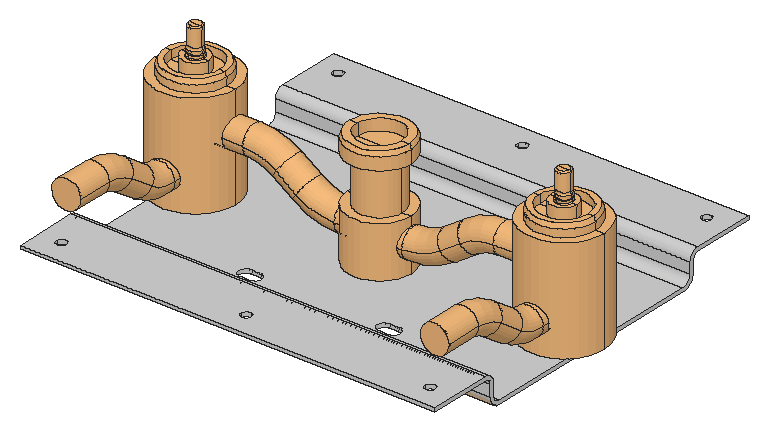
Revit family "Faucet-Valves_and_Controls-KOHLER-Falling_Water-K-410", category Plumbing Fixtures, host Face, Revit 2015
Parameters (values of type "Wall mount Valve")
  Width = 9"  # constant formula
  Waste Water Outlet = "Waste Water Outlet"  # constant formula
  Waste Connection = 1 = 0  # no
  Vent Connection = 1 = 0  # no
  URL = "https://www.us.kohler.com/us/"
  Product Page URL = "http://www.us.kohler.com/us/catalog/productDetails.jsp?productNumber=410-K"
  Product Name = "Falling Water"  # constant formula
  Product Documentation Link = "https://www.us.kohler.com/webassets/kpna/catalog/pdf/en/K-410-K_spec.pdf"
  Pressure = 0.00 psi
  Model = "K-410-K-NA"  # constant formula
  Material = "Brass construction"  # constant formula
  MasterFormat 2004 = "22.11.00"  # constant formula
  MasterFormat 1995 = "154300"  # constant formula
  Manufacturer Address = "444 Highland Dr, Kohler, WI 53044"  # constant formula
  Manufacturer = "KOHLER Co."  # constant formula
  Length = 2 1/4"  # constant formula
  Hot Water Inlet = "Hot Water Inlet"  # constant formula
  Height = 8 1/2"  # constant formula
  HW Connection = 1 = 1  # yes
  Flow Rate = 2.2 GPM  # constant formula
  Finish = Kohler-Metal-Brass
  Environmental Product Declaration = ""
  Description = "5/8 inch two-handle ceramic valve"  # constant formula
  Default Elevation = 36"
  Declare Label = ""
  Date Modified = "01/21/2019"  # constant formula
  Date Created = "01/21/2019"  # constant formula
  Copyright = "Copyright KOHLER Co."  # constant formula
  Contact Us = "https://www.us.kohler.com/us/static/contact.jsp"
  Cold Water Inlet = "Cold Water Inlet"  # constant formula
  CW Connection = 1 = 1  # yes
  Assembly Code = "D2020"
  ADA Compliant = 1 = 0  # no
Reference planes (in)
  plane 1 "Center (Front/Back)": y = 0
  plane 2: z = 0
  plane 3 "Center (Left/Right)": x = 0
  plane 4: x = 4.6
  plane 5: x = -4.4
  plane 6: y = 4.25
  plane 7: y = -4.25
  plane 8: z = -2.25
  plane 9: z = -1.375
  plane 10: z = 0.87331
  plane 11: z = -3.1875
  plane 12: y = -3.5
Forms (in)
  Extrusion 1, void
    sketch origin (0, 0, 0) x (1, 0, 0) y (0, 1, 0)
      loop
        arc (3.16067, -0.33362) -> (3.35655, -0.63384) -> (3.6538, -0.83422) r 0.90321
        line (3.6538, -0.83422) -> (3.6538, -3.52996) -> (4.3462, -3.52996) -> (4.3462, -0.90945)
        arc (4.3462, -0.90945) -> (4.69944, 0.69234) -> (3.09765, 0.3391) r 0.97312
        line (3.09765, 0.3391) -> (0.73758, 0.3391)
        arc (0.73758, 0.3391) -> (0, 0.8118) -> (-0.73758, 0.3391) r 0.8118
        line (-0.73758, 0.3391) -> (-3.07701, 0.3391)
        arc (-3.07701, 0.3391) -> (-4.69245, 0.68988) -> (-4.34167, -0.92556) r 0.98275
        line (-4.34167, -0.92556) -> (-4.34167, -3.52996) -> (-3.64927, -3.52996) -> (-3.64927, -0.83233)
        arc (-3.64927, -0.83233) -> (-3.35483, -0.63209) -> (-3.16067, -0.33362) r 0.90321
        line (-3.16067, -0.33362) -> (-0.74008, -0.33362)
        arc (-0.74008, -0.33362) -> (0, -0.8118) -> (0.74008, -0.33362) r 0.8118
        line (0.74008, -0.33362) -> (3.16067, -0.33362)
    from -2.875 to -0.20249
  Extrusion 2, void
    sketch origin (0, 0, 0) x (1, 0, 0) y (0, 1, 0)
      loop
        circle (4, 0) r 0.16797
      loop
        circle (-4, 0) r 0.16981
      loop
        circle (0, 0) r 0.485
    from -0.24597 to 0.8759
  Extrusion 3, void
    sketch origin (0, 0, 0) x (0, 1, 0) y (0, 0, 1)
      loop
        line (4.28125, -2.175) -> (-4.28125, -2.175) -> (-4.28125, -2.875) -> (-0.77249, -2.875) -> (-0.77249, -3.12031) -> (0.8222, -3.12031) -> (0.8222, -2.875) -> (4.28125, -2.875) -> (4.28125, -2.175)
    from -4.41394 to 4.61228
Dimensions and locks (in)
  plane 2 to plane 9 = 1 3/8"
  "Width": plane 4 to plane 5
  equal spacing: plane 6, plane 1 "Center (Front/Back)", plane 7
  "Height": plane 6 to plane 7
  "Length": plane 2 to plane 8
  plane 8 to plane 11 = 15/16"
  aligned and locked: plane 2 to host face
  aligned and locked: level to host face
Automatic sketch dimensions
  host sketch curve to host sketch curve = 96"  (x2)
  plane 7 to Extrusion 3 sketch curve = 1/32"
  plane 6 to Extrusion 3 sketch curve = 1/32"
  Extrusion 3 sketch curve to plane 8 = 5/8"
  plane 8 to Extrusion 3 sketch curve = 0.075"
  Extrusion 3 sketch curve to plane 1 "Center (Front/Back)" = 0.8222"
  Extrusion 3 sketch curve to Extrusion 3 sketch curve = 0.24531"  (x2)
  plane 1 "Center (Front/Back)" to Extrusion 3 sketch curve = 0.77249"
  plane 1 "Center (Front/Back)" to Extrusion 1 sketch curve = 0"  (x3)
  Extrusion 1 sketch curve to plane 3 "Center (Left/Right)" = 0"
  Extrusion 1 sketch curve to plane 1 "Center (Front/Back)" = 0.3391"  (x2)
  Extrusion 1 sketch curve to Extrusion 1 sketch curve = 0.08365"
  plane 5 to Extrusion 1 sketch curve = 0.75073"
  plane 1 "Center (Front/Back)" to Extrusion 1 sketch curve = 0.00503"
  plane 5 to Extrusion 1 sketch curve = 0.40246"
  Extrusion 1 sketch curve to Extrusion 1 sketch curve = 0.00246"
  plane 5 to Extrusion 1 sketch curve = 0.05833"
  Extrusion 1 sketch curve to Extrusion 1 sketch curve = 0.06302"
  plane 4 to Extrusion 1 sketch curve = 0.9462"
  plane 4 to Extrusion 1 sketch curve = 0.6"
  Extrusion 1 sketch curve to plane 1 "Center (Front/Back)" = 0.00424"
  Extrusion 1 sketch curve to Extrusion 1 sketch curve = 0.01134"
  plane 4 to Extrusion 1 sketch curve = 0.2538"
  Extrusion 1 sketch curve to plane 7 = 0.72004"  (x2)
  Extrusion 1 sketch curve to Extrusion 1 sketch curve = 0.07523"
  Extrusion 1 sketch curve to Extrusion 1 sketch curve = 0.09323"
  plane 3 "Center (Left/Right)" to Extrusion 1 sketch curve = 0.73758"
  Extrusion 1 sketch curve to Extrusion 1 sketch curve = 0"  (x2)
  plane 1 "Center (Front/Back)" to Extrusion 1 sketch curve = 0.33362"  (x2)
  Extrusion 1 sketch curve to Extrusion 1 sketch curve = 0.0025"
  plane 1 "Center (Front/Back)" to Extrusion 2 sketch curve = 0"  (x3)
  Extrusion 2 sketch curve to plane 3 "Center (Left/Right)" = 0"
  plane 5 to Extrusion 2 sketch curve = 0.4"
  plane 4 to Extrusion 2 sketch curve = 0.6"
  radius of Extrusion 2 sketch curve = 43/256"
  radius of Extrusion 2 sketch curve = 0.16981"
  radius of Extrusion 2 sketch curve = 0.485"
Nested families (in)
  nested 1: "K-410" at (0, 0, -2.875), type "K-410"
Connectors (in)
  piping at (-4, -3.5, -1.375), diameter 0.625, driven by "Flow Rate", driven by "HW Connection", driven by "Hot Water Inlet"
    settings: on nested 1, index 1, connector inside diameter 24", connector length 0", flow factor 0, pipe flow 2.2 GPM, pressure drop 0.00 psi, fitting loss kfactor 0, connector angle 0.00°, fixture units 0, engagement length 0", angle of deflection 0.00°, flow configuration 1, flow direction 1, fitting loss method 0, system type 19, joint type 0, gender type 0, connector reference index -1, connector utility 1, adjustable connector no, is connector primary yes, connector description "Hot Water Inlet"
  piping at (4, -3.5, -1.375), diameter 0.625, driven by "Flow Rate", driven by "CW Connection", driven by "Cold Water Inlet"
    settings: on nested 1, index 2, connector inside diameter 24", connector length 0", flow factor 0, pipe flow 2.2 GPM, pressure drop 0.00 psi, fitting loss kfactor 0, connector angle 0.00°, fixture units 0, engagement length 0", angle of deflection 0.00°, flow configuration 1, flow direction 1, fitting loss method 0, system type 20, joint type 0, gender type 0, connector reference index -1, connector utility 1, adjustable connector no, is connector primary no, connector description "Cold Water Inlet"
Definition of nested family "K-410"
  Parameters (values of type "K-410")
    Valve Material = none
  Reference planes (in)
    plane 1 "Center (Front/Back)": y = 0
    plane 2: z = 0
    plane 3 "Center (Left/Right)": x = 0
    plane 4: y = 4.25
    plane 5: x = 4.6
    plane 6: y = -4.25
    plane 7: x = -4.4
    plane 8 "A": x = -4
    plane 9 "B": x = 4
    plane 10: z = -0.3125
    plane 11: z = 0.625
    plane 12: z = 3.29051
    plane 13: z = 1.5
  Forms (in)
    Extrusion 1, solid, detail levels medium+fine
      sketch origin (0, 0, 0) x (0, 1, 0) y (0, 0, 1)
        loop
          line (4.25, 0.625) -> (4.25, 0.7) -> (2.87, 0.7)
          arc (2.87, 0.7) -> (2.73211, 0.64289) -> (2.675, 0.505) r 0.195
          line (2.675, 0.505) -> (2.675, 0.265)
          arc (2.675, 0.265) -> (2.61935, 0.13065) -> (2.485, 0.075) r 0.19
          line (2.485, 0.075) -> (-2.485, 0.075)
          arc (-2.485, 0.075) -> (-2.61935, 0.13065) -> (-2.675, 0.265) r 0.19
          line (-2.675, 0.265) -> (-2.675, 0.505)
          arc (-2.675, 0.505) -> (-2.73211, 0.64289) -> (-2.87, 0.7) r 0.195
          line (-2.87, 0.7) -> (-4.25, 0.7) -> (-4.25, 0.625) -> (-2.87, 0.625)
          arc (-2.87, 0.625) -> (-2.78515, 0.58985) -> (-2.75, 0.505) r 0.12
          line (-2.75, 0.505) -> (-2.75, 0.265)
          arc (-2.75, 0.265) -> (-2.67238, 0.07762) -> (-2.485, 0) r 0.265
          line (-2.485, 0) -> (2.485, 0)
          arc (2.485, 0) -> (2.67238, 0.07762) -> (2.75, 0.265) r 0.265
          line (2.75, 0.265) -> (2.75, 0.505)
          arc (2.75, 0.505) -> (2.78515, 0.58985) -> (2.87, 0.625) r 0.12
          line (2.87, 0.625) -> (4.25, 0.625)
      from -4.4 to 4.6
    Extrusion 2, solid, detail levels coarse
      sketch origin (0, 0, 0) x (0, 1, 0) y (0, 0, 1)
        loop
          line (4.25, 0.625) -> (4.25, 0.7) -> (2.87, 0.7)
          arc (2.87, 0.7) -> (2.73211, 0.64289) -> (2.675, 0.505) r 0.195
          line (2.675, 0.505) -> (2.675, 0.265)
          arc (2.675, 0.265) -> (2.61935, 0.13065) -> (2.485, 0.075) r 0.19
          line (2.485, 0.075) -> (-2.485, 0.075)
          arc (-2.485, 0.075) -> (-2.61935, 0.13065) -> (-2.675, 0.265) r 0.19
          line (-2.675, 0.265) -> (-2.675, 0.505)
          arc (-2.675, 0.505) -> (-2.73211, 0.64289) -> (-2.87, 0.7) r 0.195
          line (-2.87, 0.7) -> (-4.25, 0.7) -> (-4.25, 0.625) -> (-2.87, 0.625)
          arc (-2.87, 0.625) -> (-2.78515, 0.58985) -> (-2.75, 0.505) r 0.12
          line (-2.75, 0.505) -> (-2.75, 0.265)
          arc (-2.75, 0.265) -> (-2.67238, 0.07762) -> (-2.485, 0) r 0.265
          line (-2.485, 0) -> (2.485, 0)
          arc (2.485, 0) -> (2.67238, 0.07762) -> (2.75, 0.265) r 0.265
          line (2.75, 0.265) -> (2.75, 0.505)
          arc (2.75, 0.505) -> (2.78515, 0.58985) -> (2.87, 0.625) r 0.12
          line (2.87, 0.625) -> (4.25, 0.625)
      from -4.4 to 4.6
    Revolve 3, solid, material <- "Valve Material", detail levels medium+fine
      sketch origin (0, 0, 0.075) x (1, 0, 0) y (0, 0, 1)
        loop
          line (0.49, 2.135) -> (0.6875, 2.135) -> (0.6875, 2.40999) -> (0.64709, 2.51) -> (0.485, 2.51) -> (0.485, 2.266) -> (0, 2.266) -> (0, 0) -> (0.6875, 0) -> (0.6875, 1.115) -> (0.49, 1.115) -> (0.49, 2.135)
        axis (0, 2.51) -> (0, 0)
      angle from 0 to 360
    Revolve 4, solid, material <- "Valve Material", detail levels medium+fine
      sketch origin (0, 0, 0.07495) x (1, 0, 0) y (0, 0, 1)
        loop
          line (4, 3.2155) -> (3.87762, 3.2155) -> (3.85053, 3.18841) -> (3.85053, 2.81647)
          arc (3.85053, 2.81647) -> (3.86216, 2.78015) -> (3.84125, 2.74827) r 0.04426
          line (3.84125, 2.74827) -> (3.84125, 2.68366)
          arc (3.84125, 2.68366) -> (3.84646, 2.66842) -> (3.85991, 2.65956) r 0.0249
          arc (3.85991, 2.65956) -> (3.83401, 2.64845) -> (3.83545, 2.6203) r 0.02465
          arc (3.83545, 2.6203) -> (3.83697, 2.60542) -> (3.82428, 2.5975) r 0.01414
          line (3.82428, 2.5975) -> (3.71127, 2.5975) -> (3.71127, 2.33502) -> (3.46863, 2.33502) -> (3.46863, 2.51) -> (3.3525, 2.51) -> (3.3125, 2.411) -> (3.3125, 2.25) -> (3.125, 2.25) -> (3.125, 0) -> (4, 0) -> (4, 3.2155)
        axis (4, 3.2155) -> (4, 0)
      angle from 0 to 360
    Revolve 5, solid, material <- "Valve Material", detail levels medium+fine
      sketch origin (0, 0, 0.07501) x (-1, 0, 0) y (0, 0, 1)
        loop
          line (4, 3.2155) -> (3.87762, 3.2155) -> (3.85053, 3.18841) -> (3.85053, 2.81647)
          arc (3.85053, 2.81647) -> (3.86216, 2.78015) -> (3.84125, 2.74827) r 0.04426
          line (3.84125, 2.74827) -> (3.84125, 2.68366)
          arc (3.84125, 2.68366) -> (3.84646, 2.66842) -> (3.85991, 2.65956) r 0.0249
          arc (3.85991, 2.65956) -> (3.83401, 2.64845) -> (3.83545, 2.6203) r 0.02465
          arc (3.83545, 2.6203) -> (3.83697, 2.60542) -> (3.82428, 2.5975) r 0.01414
          line (3.82428, 2.5975) -> (3.71127, 2.5975) -> (3.71127, 2.33539) -> (3.4689, 2.33539) -> (3.4689, 2.51) -> (3.3525, 2.51) -> (3.3125, 2.411) -> (3.3125, 2.25) -> (3.125, 2.25) -> (3.125, 0) -> (4, 0) -> (4, 3.2155)
        axis (4, 3.2155) -> (4, 0)
      angle from 0 to 360
    Sweep 6, solid, material <- "Valve Material"
      path origin (0, 0, 0.07031) x (1, 0, 0) y (0, 0, 1)
        loop
          line (-3.4, 1.415) -> (-2.71606, 1.415)
          arc (-2.71606, 1.415) -> (-2.34018, 1.35715) -> (-1.99909, 1.18894) r 1.25
          line (-1.99909, 1.18894) -> (-1.568, 0.88709)
          arc (-1.568, 0.88709) -> (-1.17255, 0.69207) -> (-0.73677, 0.625) r 1.44922
          line (-0.73677, 0.625) -> (0.73645, 0.625)
          arc (0.73645, 0.625) -> (1.17254, 0.69212) -> (1.56826, 0.88727) r 1.4502
          line (1.56826, 0.88727) -> (1.99909, 1.18894)
          arc (1.99909, 1.18894) -> (2.34018, 1.35715) -> (2.71606, 1.415) r 1.25
          line (2.71606, 1.415) -> (3.40081, 1.415)
      profile origin (-3.05803, 0, 1.48531) x (0, 0, 1) y (0, -1, 0)
        loop
          circle (0, 0) r 0.316
    Sweep 7, solid, material <- "Valve Material"
      path origin (0, 0, 0.07813) x (0, 1, 0) y (0, 0, 1)
        loop
          line (-0.25, 0.6525) -> (-0.95854, 0.6525)
          arc (-0.95854, 0.6525) -> (-1.27777, 0.70163) -> (-1.56744, 0.84449) r 1.06158
          line (-1.56744, 0.84449) -> (-2.11762, 1.22972)
          arc (-2.11762, 1.22972) -> (-2.40755, 1.3727) -> (-2.72704, 1.42187) r 1.0625
          line (-2.72704, 1.42187) -> (-3.5, 1.42187)
      profile origin (0, -3.11352, 1.5) x (0, 0, 1) y (1, 0, 0)
        loop
          circle (0, 4) r 0.31178
    Sweep 8, solid, material <- "Valve Material"
      path origin (0, 0, 0.07812) x (0, 1, 0) y (0, 0, -1)
        loop
          line (-0.25, -0.6525) -> (-0.95854, -0.6525)
          arc (-0.95854, -0.6525) -> (-1.27777, -0.70163) -> (-1.56744, -0.84449) r 1.06158
          line (-1.56744, -0.84449) -> (-2.11762, -1.22972)
          arc (-2.11762, -1.22972) -> (-2.40755, -1.3727) -> (-2.72704, -1.42187) r 1.0625
          line (-2.72704, -1.42187) -> (-3.5, -1.42187)
      profile origin (0, -3.11352, 1.5) x (0, 0, -1) y (-1, 0, 0)
        loop
          circle (0, 4) r 0.31178
    Extrusion 9, void
      sketch origin (0, 0, 0) x (1, 0, 0) y (0, 1, 0)
        loop
          circle (-3.90055, 3.74994) r 0.10971
        loop
          circle (0.09945, 3.74994) r 0.10971
        loop
          circle (4.09945, 3.74994) r 0.10971
        loop
          circle (-3.90055, -3.74994) r 0.10971
        loop
          circle (0.09945, -3.74994) r 0.10971
        loop
          circle (4.09945, -3.74994) r 0.10971
        loop
          line (-3.05645, 1.505) -> (-3.24799, 1.505)
          arc (-3.24799, 1.505) -> (-3.40299, 1.35) -> (-3.24799, 1.195) r 0.155
          line (-3.24799, 1.195) -> (-3.05645, 1.195)
          arc (-3.05645, 1.195) -> (-2.90145, 1.35) -> (-3.05645, 1.505) r 0.155
        loop
          line (0.94493, 1.505) -> (0.75339, 1.505)
          arc (0.75339, 1.505) -> (0.59839, 1.35) -> (0.75339, 1.195) r 0.155
          line (0.75339, 1.195) -> (0.94493, 1.195)
          arc (0.94493, 1.195) -> (1.09993, 1.35) -> (0.94493, 1.505) r 0.155
        loop
          arc (-1.30433, -1.905) -> (-1.14933, -1.75) -> (-1.30433, -1.595) r 0.155
          line (-1.30433, -1.595) -> (-1.49587, -1.595)
          arc (-1.49587, -1.595) -> (-1.65087, -1.75) -> (-1.49587, -1.905) r 0.155
          line (-1.49587, -1.905) -> (-1.30433, -1.905)
        loop
          arc (1.69705, -1.905) -> (1.85205, -1.75) -> (1.69705, -1.595) r 0.155
          line (1.69705, -1.595) -> (1.50551, -1.595)
          arc (1.50551, -1.595) -> (1.35051, -1.75) -> (1.50551, -1.905) r 0.155
          line (1.50551, -1.905) -> (1.69705, -1.905)
      from -0.37666 to 0.78589
    Extrusion 10, solid, detail levels medium+fine
      sketch origin (0, 0, 0) x (1, 0, 0) y (0, 1, 0)
        loop
          line (-4.1071, 0.6855) -> (-4.2142, 0.5) -> (-4.1071, 0.3145) -> (-3.8929, 0.3145) -> (-3.7858, 0.5) -> (-3.8929, 0.6855) -> (-4.1071, 0.6855)
        loop
          line (-3.6071, 0.1855) -> (-3.7142, 0) -> (-3.6071, -0.1855) -> (-3.3929, -0.1855) -> (-3.2858, 0) -> (-3.3929, 0.1855) -> (-3.6071, 0.1855)
        loop
          line (-0.1071, 0.6355) -> (-0.2142, 0.45) -> (-0.1071, 0.2645) -> (0.1071, 0.2645) -> (0.2142, 0.45) -> (0.1071, 0.6355) -> (-0.1071, 0.6355)
        loop
          line (-0.1071, -0.2645) -> (-0.2142, -0.45) -> (-0.1071, -0.6355) -> (0.1071, -0.6355) -> (0.2142, -0.45) -> (0.1071, -0.2645) -> (-0.1071, -0.2645)
        loop
          line (3.3929, 0.1855) -> (3.2858, 0) -> (3.3929, -0.1855) -> (3.6071, -0.1855) -> (3.7142, 0) -> (3.6071, 0.1855) -> (3.3929, 0.1855)
        loop
          line (3.8929, 0.6855) -> (3.7858, 0.5) -> (3.8929, 0.3145) -> (4.1071, 0.3145) -> (4.2142, 0.5) -> (4.1071, 0.6855) -> (3.8929, 0.6855)
      from -0.3125 to 0
    Extrusion 11, solid, detail levels medium+fine
      sketch origin (0, 0, 0) x (1, 0, 0) y (0, 1, 0)
        loop
          circle (-3.49774, -0.00107) r 0.31361
        loop
          circle (0.00226, 0.44893) r 0.31361
        loop
          circle (0.00226, -0.45107) r 0.31361
        loop
          circle (4.00226, 0.49893) r 0.31361
        loop
          circle (3.50226, -0.00107) r 0.31361
        loop
          circle (-3.99959, 0.50078) r 0.31361
      from -0.065 to 0
    Extrusion 12, solid, material <- "Valve Material", detail levels coarse
      sketch origin (0, 0, 0) x (1, 0, 0) y (0, 1, 0)
        loop
          circle (-4, 0) r 0.875
        loop
          circle (4, 0) r 0.875
        loop
          circle (0, 0) r 0.6875
      from 0.04111 to 2.58501
    Extrusion 13, solid, material <- "Valve Material", detail levels coarse
      sketch origin (0, 0, 0) x (1, 0, 0) y (0, 1, 0)
        loop
          circle (-4, 0) r 0.17096
        loop
          circle (4, 0) r 0.17096
      from 2.41041 to 3.29051
  Cuts and joins
    joined: Sweep 6, Sweep 7, Sweep 8
    joined: Revolve 3, Revolve 4, Revolve 5
    Extrusion 9 cuts Extrusion 1
    joined: Extrusion 1, Extrusion 10, Extrusion 11
    joined: Extrusion 12, Extrusion 13
  Lines and regions (in)
    Masking region 1
      outline origin (0, 0, 0) x (1, 0, 0) y (0, 1, 0)
        loop
          circle (-4, 0) r 0.16931
        loop
          circle (4, 0) r 0.16797
        loop
          circle (0, 0) r 0.48748
    Masking region 2, detail levels medium+fine
      outline origin (0, 0, 0) x (1, 0, 0) y (0, 0, 1)
        loop
          line (-4.875, 0.075) -> (-4.4, 0.075) -> (-4.4, 0) -> (-4.3132, 0) -> (-4.3132, -0.065) -> (-4.2142, -0.065) -> (-4.2142, -0.2375) -> (-3.7858, -0.2375) -> (-3.7858, -0.065) -> (-3.7142, -0.065) -> (-3.7142, -0.2375) -> (-3.2858, -0.2375) -> (-3.2858, -0.065) -> (-3.18413, -0.065) -> (-3.18413, 0) -> (-0.31134, 0) -> (-0.31134, -0.065) -> (-0.2142, -0.065) -> (-0.2142, -0.2375) -> (0.2142, -0.2375) -> (0.2142, -0.065) -> (0.31587, -0.065) -> (0.31587, 0) -> (3.18866, 0) -> (3.18866, -0.065) -> (3.2858, -0.065) -> (3.2858, -0.2375) -> (3.7142, -0.2375) -> (3.7142, -0.065) -> (3.7858, -0.065) -> (3.7858, -0.2375) -> (4.2142, -0.2375) -> (4.2142, -0.065) -> (4.31587, -0.065) -> (4.31587, 0) -> (4.6, 0) -> (4.6, 0.075) -> (4.875, 0.075) -> (4.875, 2.325) -> (4.6875, 2.325) -> (4.6875, 2.486) -> (4.6475, 2.585) -> (4.28873, 2.585) -> (4.28873, 2.6725) -> (4.17632, 2.6725)
          arc (4.17632, 2.6725) -> (4.16276, 2.68096) -> (4.16441, 2.69685) r 0.01509
          arc (4.16441, 2.69685) -> (4.16585, 2.72401) -> (4.14088, 2.73479) r 0.02381
          arc (4.14088, 2.73479) -> (4.15375, 2.74303) -> (4.15875, 2.75747) r 0.02332
          line (4.15875, 2.75747) -> (4.15875, 2.82327)
          arc (4.15875, 2.82327) -> (4.13784, 2.85503) -> (4.14947, 2.89124) r 0.04403
          line (4.14947, 2.89124) -> (4.14947, 3.26341) -> (4.12238, 3.2905) -> (3.87762, 3.2905) -> (3.85053, 3.26341) -> (3.85053, 2.89124)
          arc (3.85053, 2.89124) -> (3.86216, 2.85503) -> (3.84125, 2.82327) r 0.04403
          line (3.84125, 2.82327) -> (3.84125, 2.75747)
          arc (3.84125, 2.75747) -> (3.84625, 2.74303) -> (3.85912, 2.73479) r 0.02332
          arc (3.85912, 2.73479) -> (3.83415, 2.72401) -> (3.83559, 2.69685) r 0.02381
          arc (3.83559, 2.69685) -> (3.83724, 2.68096) -> (3.82368, 2.6725) r 0.01509
          line (3.82368, 2.6725) -> (3.71127, 2.6725) -> (3.71127, 2.585) -> (3.3525, 2.585) -> (3.3125, 2.486) -> (3.3125, 2.325) -> (3.125, 2.325) -> (3.125, 1.806) -> (2.70536, 1.806)
          arc (2.70536, 1.806) -> (2.24442, 1.73505) -> (1.82616, 1.52879) r 1.53283
          line (1.82616, 1.52879) -> (1.37694, 1.21424)
          arc (1.37694, 1.21424) -> (1.04874, 1.05803) -> (0.6875, 1.01779) r 1.09568
          line (0.6875, 1.01779) -> (0.6875, 1.19) -> (0.49, 1.19) -> (0.49, 2.21) -> (0.6875, 2.21) -> (0.6875, 2.48499) -> (0.64709, 2.585) -> (-0.64709, 2.585) -> (-0.6875, 2.48499) -> (-0.6875, 2.21) -> (-0.49, 2.21) -> (-0.49, 1.19) -> (-0.6875, 1.19) -> (-0.6875, 1.01866)
          arc (-0.6875, 1.01866) -> (-1.04348, 1.05452) -> (-1.36707, 1.20714) r 1.05644
          line (-1.36707, 1.20714) -> (-1.8162, 1.52163)
          arc (-1.8162, 1.52163) -> (-2.24527, 1.73322) -> (-2.71811, 1.806) r 1.57244
          line (-2.71811, 1.806) -> (-3.125, 1.806) -> (-3.125, 2.325) -> (-3.3125, 2.325) -> (-3.3125, 2.486) -> (-3.3525, 2.585) -> (-3.71127, 2.585) -> (-3.71127, 2.6725) -> (-3.82368, 2.6725)
          arc (-3.82368, 2.6725) -> (-3.83724, 2.68096) -> (-3.83559, 2.69685) r 0.01509
          arc (-3.83559, 2.69685) -> (-3.83415, 2.72401) -> (-3.85912, 2.73479) r 0.02381
          arc (-3.85912, 2.73479) -> (-3.84625, 2.74303) -> (-3.84125, 2.75747) r 0.02332
          line (-3.84125, 2.75747) -> (-3.84125, 2.82327)
          arc (-3.84125, 2.82327) -> (-3.86216, 2.85503) -> (-3.85053, 2.89124) r 0.04403
          line (-3.85053, 2.89124) -> (-3.85053, 3.26341) -> (-3.87762, 3.2905) -> (-4.12238, 3.2905) -> (-4.14947, 3.26341) -> (-4.14947, 2.89124)
          arc (-4.14947, 2.89124) -> (-4.13784, 2.85503) -> (-4.15875, 2.82327) r 0.04403
          line (-4.15875, 2.82327) -> (-4.15875, 2.75747)
          arc (-4.15875, 2.75747) -> (-4.15375, 2.74303) -> (-4.14088, 2.73479) r 0.02332
          arc (-4.14088, 2.73479) -> (-4.16585, 2.72401) -> (-4.16441, 2.69685) r 0.02381
          arc (-4.16441, 2.69685) -> (-4.16276, 2.68096) -> (-4.17632, 2.6725) r 0.01509
          line (-4.17632, 2.6725) -> (-4.28873, 2.6725) -> (-4.28873, 2.585) -> (-4.6475, 2.585) -> (-4.6875, 2.486) -> (-4.6875, 2.325) -> (-4.875, 2.325) -> (-4.875, 0.075)
        loop
          line (-3.125, 1.174) -> (-3.125, 0.7) -> (-1.74523, 0.7) -> (-2.18232, 1.00606)
          arc (-2.18232, 1.00606) -> (-2.43573, 1.13102) -> (-2.71498, 1.174) r 0.92866
          line (-2.71498, 1.174) -> (-3.125, 1.174)
        loop
          line (3.125, 1.174) -> (2.69601, 1.174)
          arc (2.69601, 1.174) -> (2.43321, 1.13355) -> (2.19474, 1.01595) r 0.87394
          line (2.19474, 1.01595) -> (1.74351, 0.7) -> (3.125, 0.7) -> (3.125, 1.174)
    Masking region 3
      outline origin (0, 0, 0) x (0, 1, 0) y (0, 0, 1)
        loop
          line (4.25, 0.625) -> (4.25, 0.7) -> (2.87, 0.7)
          arc (2.87, 0.7) -> (2.73211, 0.64289) -> (2.675, 0.505) r 0.195
          line (2.675, 0.505) -> (2.675, 0.265)
          arc (2.675, 0.265) -> (2.61935, 0.13065) -> (2.485, 0.075) r 0.19
          line (2.485, 0.075) -> (0.875, 0.075) -> (0.875, 2.32501) -> (0.6875, 2.32501) -> (0.6875, 2.48601) -> (0.6475, 2.58501) -> (0.28873, 2.58501) -> (0.28873, 2.67251) -> (0.17592, 2.67251)
          arc (0.17592, 2.67251) -> (0.16275, 2.68073) -> (0.16435, 2.69617) r 0.01466
          arc (0.16435, 2.69617) -> (0.16569, 2.72388) -> (0.14009, 2.73457) r 0.02415
          arc (0.14009, 2.73457) -> (0.15348, 2.74252) -> (0.15875, 2.75718) r 0.02302
          line (0.15875, 2.75718) -> (0.15875, 2.82328)
          arc (0.15875, 2.82328) -> (0.13818, 2.85518) -> (0.14947, 2.89142) r 0.0448
          line (0.14947, 2.89142) -> (0.14947, 3.26336) -> (0.12232, 3.29051) -> (-0.12232, 3.29051) -> (-0.14947, 3.26336) -> (-0.14947, 2.89142)
          arc (-0.14947, 2.89142) -> (-0.13818, 2.85518) -> (-0.15875, 2.82328) r 0.0448
          line (-0.15875, 2.82328) -> (-0.15875, 2.75718)
          arc (-0.15875, 2.75718) -> (-0.15348, 2.74252) -> (-0.14009, 2.73457) r 0.02302
          arc (-0.14009, 2.73457) -> (-0.16569, 2.72388) -> (-0.16435, 2.69617) r 0.02415
          arc (-0.16435, 2.69617) -> (-0.16275, 2.68073) -> (-0.17592, 2.67251) r 0.01466
          line (-0.17592, 2.67251) -> (-0.28873, 2.67251) -> (-0.28873, 2.58501) -> (-0.6475, 2.58501) -> (-0.6875, 2.48601) -> (-0.6875, 2.32501) -> (-0.875, 2.32501) -> (-0.875, 1.04333)
          arc (-0.875, 1.04333) -> (-1.13836, 1.06229) -> (-1.37823, 1.17264) r 0.73878
          line (-1.37823, 1.17264) -> (-1.96817, 1.58572)
          arc (-1.96817, 1.58572) -> (-2.30926, 1.75393) -> (-2.68514, 1.81178) r 1.25
          line (-2.68514, 1.81178) -> (-3.5, 1.81178) -> (-3.5, 1.18822) -> (-2.66513, 1.18822)
          arc (-2.66513, 1.18822) -> (-2.49921, 1.16268) -> (-2.34864, 1.08843) r 0.55179
          line (-2.34864, 1.08843) -> (-1.77168, 0.68444)
          arc (-1.77168, 0.68444) -> (-1.34499, 0.47821) -> (-0.875, 0.41728) r 1.48138
          line (-0.875, 0.41728) -> (-0.875, 0.075) -> (-2.485, 0.075)
          arc (-2.485, 0.075) -> (-2.61935, 0.13065) -> (-2.675, 0.265) r 0.19
          line (-2.675, 0.265) -> (-2.675, 0.505)
          arc (-2.675, 0.505) -> (-2.73211, 0.64289) -> (-2.87, 0.7) r 0.195
          line (-2.87, 0.7) -> (-4.25, 0.7) -> (-4.25, 0.625) -> (-2.87, 0.625)
          arc (-2.87, 0.625) -> (-2.78515, 0.58985) -> (-2.75, 0.505) r 0.12
          line (-2.75, 0.505) -> (-2.75, 0.265)
          arc (-2.75, 0.265) -> (-2.67238, 0.07762) -> (-2.485, 0) r 0.265
          line (-2.485, 0) -> (-0.76468, 0) -> (-0.76468, -0.065) -> (-0.6355, -0.065) -> (-0.6355, -0.3125) -> (-0.2645, -0.3125) -> (-0.2645, -0.065) -> (-0.1855, -0.065) -> (-0.1855, -0.3125) -> (0.18557, -0.3125) -> (0.18532, -0.065) -> (0.2645, -0.065) -> (0.2645, -0.3125) -> (0.6855, -0.3125) -> (0.6855, -0.065) -> (0.81439, -0.065) -> (0.81439, 0) -> (2.485, 0)
          arc (2.485, 0) -> (2.67238, 0.07762) -> (2.75, 0.265) r 0.265
          line (2.75, 0.265) -> (2.75, 0.505)
          arc (2.75, 0.505) -> (2.78515, 0.58985) -> (2.87, 0.625) r 0.12
          line (2.87, 0.625) -> (4.25, 0.625)
    symbolic lines, detail levels medium+fine
      curve 1: line (-4.6875, 0, 2.325) -> (-3.3125, 0, 2.325)
      curve 2: line (-4.28873, 0, 2.585) -> (-3.71127, 0, 2.585)
      curve 3: line (-4.17632, 0, 2.6725) -> (-3.82368, 0, 2.6725)
      curve 4: line (-4.14947, 0, 2.89124) -> (-3.85053, 0, 2.89124)
      curve 5: line (-4.15875, 0, 2.82327) -> (-3.84125, 0, 2.82327)
      curve 6: line (-4.14088, 0, 2.73479) -> (-3.85912, 0, 2.73479)
      curve 7: line (-4.4, 0, 0.7) -> (-4.4, 0, 0.075)
      curve 8: line (4.6, 0, 0.7) -> (4.6, 0, 0.075)
      curve 9: line (4.6, 0, 0.625) -> (-4.4, 0, 0.625)
      curve 10: line (-4.3132, 0, 0) -> (-3.18413, 0, 0)
      curve 11: line (-0.31134, 0, 0) -> (0.31587, 0, 0)
      curve 12: line (3.18866, 0, 0) -> (4.31587, 0, 0)
      curve 13: line (-0.6875, 0, 2.48499) -> (0.6875, 0, 2.48499)
      curve 14: line (-0.49, 0, 2.21) -> (0.49, 0, 2.21)
      curve 15: line (-0.49, 0, 1.19) -> (0.49, 0, 1.19)
      curve 16: line (-0.2142, 0, -0.065) -> (0.2142, 0, -0.065)
      curve 17: line (-3.81134, 0, -0.065) -> (-3.81134, 0, 0)
      curve 18: line (-4.2142, 0, -0.065) -> (-3.2858, 0, -0.065)
      curve 19: line (3.81587, 0, -0.065) -> (3.81587, 0, 0)
      curve 20: line (4.2142, 0, -0.065) -> (3.2858, 0, -0.065)
      curve 21: arc (-3.125, 0, 1.806) -> (-3.19495, 0, 1.49) -> (-3.125, 0, 1.174) r 0.74873
      curve 22: arc (3.125, 0, 1.806) -> (3.18878, 0, 1.49) -> (3.125, 0, 1.174) r 0.81468
      curve 23: arc (-0.6875, 0, 1.01866) -> (-0.63053, 0, 0.86377) -> (-0.6101, 0, 0.7) r 0.72424
      curve 24: arc (0.6875, 0, 1.01866) -> (0.63053, 0, 0.86377) -> (0.6101, 0, 0.7) r 0.72424
      curve 25: line (-4.6875, 0, 2.48601) -> (-3.3125, 0, 2.486)
      curve 26: line (3.85053, 0, 2.89142) -> (4.14947, 0, 2.89142)
      curve 27: line (3.84125, 0, 2.82327) -> (4.15875, 0, 2.82327)
      curve 28: line (3.85912, 0, 2.73479) -> (4.14088, 0, 2.73479)
      curve 29: line (3.82368, 0, 2.6725) -> (4.17632, 0, 2.6725)
      curve 30: line (3.71127, 0, 2.585) -> (4.28873, 0, 2.585)
      curve 31: line (3.3125, 0, 2.486) -> (4.6875, 0, 2.486)
      curve 32: line (3.3125, 0, 2.325) -> (4.69045, 0, 2.325)
      curve 33: line (0, 0.6875, 2.32501) -> (0, -0.6875, 2.32501)
      curve 34: line (0, 0.6875, 2.48499) -> (0, -0.6875, 2.48499)
      curve 35: line (0, 0.28873, 2.58501) -> (0, -0.28873, 2.58501)
      curve 36: line (0, 0.17592, 2.67251) -> (0, -0.17592, 2.67251)
      curve 37: line (0, 0.14009, 2.73457) -> (0, -0.14009, 2.73457)
      curve 38: line (0, 0.15875, 2.82328) -> (0, -0.15875, 2.82328)
      curve 39: line (0, 0.14947, 2.89148) -> (0, -0.14947, 2.89148)
      curve 40: line (0, 0.14947, 3.26342) -> (0, -0.14947, 3.26342)
      curve 41: line (0, -0.875, 0.075) -> (0, 0.875, 0.075)
      curve 42: line (0, 0.6855, -0.065) -> (0, -0.6355, -0.065)
      curve 43: line (0, 0.5, -0.3125) -> (0, 0.5, -0.065)
      curve 44: line (0, 0.3145, -0.3125) -> (0, 0.3145, -0.065)
      curve 45: line (0, -0.45, -0.3125) -> (0, -0.45, -0.065)
      curve 46: line (0, 0.18532, -0.065) -> (0, 0.18532, 0)
      curve 47: arc (0, -0.875, 1.04333) -> (0, -0.80706, 0.7303) -> (0, -0.875, 0.41728) r 0.7551
      curve 48: line (0, 0.81253, 0) -> (0, -0.76468, 0)
      curve 49: line (-4.1071, 0, -0.2375) -> (-4.1071, 0, -0.065)
      curve 50: line (-3.8929, 0, -0.2375) -> (-3.8929, 0, -0.065)
      curve 51: line (-3.6071, 0, -0.2375) -> (-3.6071, 0, -0.065)
      curve 52: line (-3.3929, 0, -0.2375) -> (-3.3929, 0, -0.065)
      curve 53: line (-0.1071, 0, -0.2375) -> (-0.1071, 0, -0.065)
      curve 54: line (0.1071, 0, -0.2375) -> (0.1071, 0, -0.065)
      curve 55: line (3.3929, 0, -0.2375) -> (3.3929, 0, -0.065)
      curve 56: line (3.6071, 0, -0.2375) -> (3.6071, 0, -0.065)
      curve 57: line (3.8929, 0, -0.2375) -> (3.8929, 0, -0.065)
      curve 58: line (4.1071, 0, -0.2375) -> (4.1071, 0, -0.065)
      curve 59: line (0, 0, -0.3125) -> (0, 0, -0.065)
      curve 60: line (-4.4, 0, 0.7) -> (-3.125, 0, 0.7)
      curve 61: line (-1.74523, 0, 0.7) -> (1.74351, 0, 0.7)
      curve 62: line (3.125, 0, 0.7) -> (4.6, 0, 0.7)
      curve 63: circle (-4, 0, 0) r 0.12238 normal (0, 0, 1)
      curve 64: circle (4, 0, 0) r 0.12238 normal (0, 0, -1)
      curve 72: circle (4, 0, 0) r 0.14947 normal (0, 0, 1)
      curve 73: circle (-4, 0, 0) r 0.14947 normal (0, 0, -1)
      curve 74: line (0, -0.1855, -0.065) -> (0, -0.1855, 0)
      curve 75: line (0, -0.2645, -0.065) -> (0, -0.2645, 0)
      curve 76: line (0, -0.6355, -0.065) -> (0, -0.6355, 0)
      curve 77: line (0, 0.2645, -0.065) -> (0, 0.2645, 0)
      curve 78: line (0, 0.6855, -0.065) -> (0, 0.6855, 0)
    symbolic lines, detail levels coarse
      curve 65: line (-0.74009, 0, 0.53125) -> (0.74009, 0, 0.53125)
      curve 66: line (0.99848, 0, 0.84434) -> (0.99848, 0, 1.86399)
      curve 67: line (-0.99848, 0, 1.86399) -> (0.99848, 0, 0.84434)
      curve 68: line (0.99848, 0, 1.86399) -> (-0.99848, 0, 0.84434)
      curve 69: line (0, 0, 1.35417) -> (0, 0, 0.53125)
      curve 70: line (-0.99848, 0, 0.84434) -> (-0.99848, 0, 1.86399)
      curve 71: arc (-0.74009, 0, 0.53125) -> (0, 0, 0) -> (0.74009, 0, 0.53125) r 0.78114
  Dimensions and locks (in)
    plane 1 "Center (Front/Back)" to plane 4 = 4 1/4"
    plane 8 "A" to plane 3 "Center (Left/Right)" = 4"
    plane 7 to plane 5 = 9"
    cut or joined group of Extrusion 1, Extrusion 9, Extrusion 10, Extrusion 11 to plane 10 = 1.0125"
    plane 13 to plane 2 = 1 1/2"
    plane 11 to plane 10 = 15/16"
    aligned and locked: plane 2 to level
